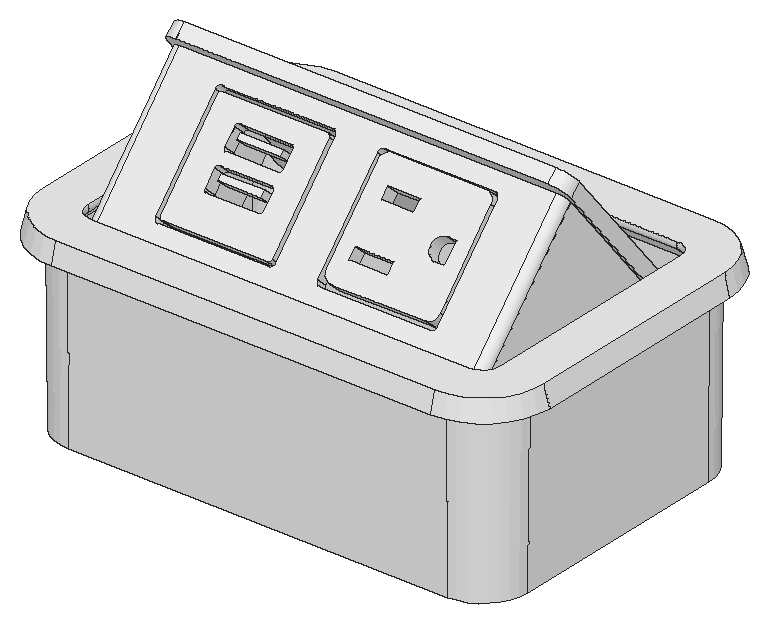
Revit family "Electrical-Teknion-NBAJ_Banqs_Small_Power_Flip-R2019", category Furniture, Revit 2020
Family settings
  OmniClass Number = 23.40.20.00
  OmniClass Title = General Furniture and Specialties
  Work Plane-Based = No
  Always vertical = Yes
  Cut with Voids When Loaded = No
  Shared = Yes
  Room Calculation Point = No
Parameters (values of type "Banqs Small Power Flip in White")
  Warranty = "http://www.teknion.com/ca/papers/legal-canada"
  Unit Weight URL = "http://www.teknion.com/ca/tools/assets#&asset=bee6a381-b954-425e-8283-5a2de3a804f2,f828d448-4b62-4231-9e5f-9a8991c0ed77"
  URL = "www.teknion.com"
  To render please download texture images found here [instance] = "https://assets.teknion.com/web/5e81352c1dfdb467/revit-material-swatches/"
  Sustainability Data = "https://www.teknion.com/ca/tools/assets#&topic=216f99a5-57a0-44fc-b10a-9dee9b29ae4c&asset=444deb64-fe58-4b68-981e-f75e97781df7,b4ff2d81-9f2e-437d-9659-7cffb09c31cf"
  Series = "Soft Seating"  # constant formula
  Product Page URL = "https://www.teknion.com/ca/products/product-details?productlineid=2c7ddb6e-8e7a-673b-a6c8-ff05004460c4"
  Product Line = "Bnaqs"  # constant formula
  Product Documentation Link = "https://www.teknion.com/pricing/seating/pdfs/Banqs_ppg.pdf"
  Part Number = "NBAJ"  # constant formula
  Model = "NBAJD1110W"
  Manufacturer Phone = "416-661-3370"  # constant formula
  Manufacturer Fax = "416.661.4586"  # constant formula
  Manufacturer Contact Information = "http://www.teknion.com/ca/contactus"
  Manufacturer Address = "1150 Flint Road, Toronto, ON. M3J 2J5. Canada"  # constant formula
  Manufacturer = "Teknion"  # constant formula
  How To Use Teknion Materials User Guide [instance] = "https://assets.teknion.com/m/205dd0a49fa58060/original/How-to-add-a-Material-Library-and-Texture-Images-to-your-Revit-project.pdf"
  For Additional Finishes please visit [instance] = "https://assets.teknion.com/m/44a8009b046e5d47/original/Teknion_Materials_Library.zip"
  Electrical Finishes = Plastic - Teknion - 8C - Very White
  Description = "Banqs Small Power Flip, 1-Power, 1-USB-A, 1-USB-C and No-Data Opening, White Finish"
  Default Elevation = 0.000"
  Assembly Code = "E2020200"
Types (3): name | Model | Electrical Finishes | Description
  (no name) | "NBAJD1110W" | Plastic - Teknion - 8C - Very White | "Banqs Small Power Flip, 1-Power, 1-USB-A, 1-USB-C and No-Data Opening, White Finish"
  Banqs Small Power Flip in White | "NBAJD1110W" | Plastic - Teknion - 8C - Very White | "Banqs Small Power Flip, 1-Power, 1-USB-A, 1-USB-C and No-Data Opening, White Finish"
  Banqs Small Power Flip in Black | "NBAJD1110B" | Plastic - Teknion - E - Ebony | "Banqs Small Power Flip, 1-Power, 1-USB-A, 1-USB-C and No-Data Opening, Black Finish"
Reference planes (in)
  plane 1 "Center Front/Back": y = -150
  plane 2: z = 0
  plane 3 "Center Left/Right": x = 150.00148
  plane 4 "Left": x = 147.60153
  plane 5 "Right": x = 152.40143
  plane 6 "Back": y = -148.31937
  plane 7 "Front": y = -151.68062
  plane 8 "Top": z = 63
Forms (in)
  Sweep 1, solid, material "Plastic - Teknion - 8C - Very White" <- "Electrical Finishes"
    path origin (0, 0, 0) x (1, 0, 0) y (0, 1, 0)
      loop
        arc (148.22068, -148.36862) -> (147.8177, -148.53554) -> (147.65078, -148.93852) r 0.5699
        line (147.65078, -148.93852) -> (147.65078, -151.06148)
        arc (147.65078, -151.06148) -> (147.8177, -151.46446) -> (148.22068, -151.63138) r 0.5699
        line (148.22068, -151.63138) -> (151.78229, -151.63138)
        arc (151.78229, -151.63138) -> (152.18527, -151.46446) -> (152.35219, -151.06148) r 0.5699
        line (152.35219, -151.06148) -> (152.35219, -148.93852)
        arc (152.35219, -148.93852) -> (152.18527, -148.53554) -> (151.78229, -148.36862) r 0.5699
        line (151.78229, -148.36862) -> (148.22068, -148.36862)
    profile origin (150.00148, -148.36862, 0) x (0, 1, 0) y (0, 0, 1)
      loop
        line (0.04925, 29) -> (-0.00099, 29.1875) -> (-0.41378, 29.1875)
        arc (-0.41378, 29.1875) -> (-0.41733, 29.14455) -> (-0.39726, 29.10641) r 0.07704
        line (-0.39726, 29.10641) -> (-0.26297, 28.96734) -> (-0.24907, 27.375) -> (-0.15243, 27.375) -> (-0.13802, 29) -> (0.04925, 29)
  Sweep 2, solid, material "Plastic - Teknion - 8C - Very White" <- "Electrical Finishes"
    path origin (150.00148, 0.93172, 5.03376) x (0, 0.999442, 0.03341) y (0, -0.03341, 0.999442)
      loop
        line (-150.26514, 30.30456) -> (-150.15326, 30.38886)
    profile origin (150.00148, -150.2075, 30.34507) x (0, -0.628161, 0.778083) y (1, 0, 0)
      loop
        line (0.00988, -1.7482) -> (0.00988, 1.7482)
        arc (0.00988, 1.7482) -> (-0.0329, 1.85153) -> (-0.1362, 1.89437) r 0.14617
        line (-0.1362, 1.89437) -> (-2.18844, 1.89437)
        arc (-2.18844, 1.89437) -> (-2.29177, 1.85155) -> (-2.33452, 1.7482) r 0.14608
        line (-2.33452, 1.7482) -> (-2.33452, -1.7482)
        arc (-2.33452, -1.7482) -> (-2.29174, -1.85153) -> (-2.18844, -1.89437) r 0.14617
        line (-2.18844, -1.89437) -> (-0.1362, -1.89437)
        arc (-0.1362, -1.89437) -> (-0.0329, -1.85153) -> (0.00988, -1.7482) r 0.14617
  Sweep 3, solid, material "Plastic - Teknion - 8C - Very White" <- "Electrical Finishes"
    path origin (150.00148, 0, 0) x (0, 1, 0) y (0, 0, 1)
      loop
        line (-151.23949, 29.05335) -> (-150.1631, 30.23282)
    profile origin (150.00148, -150.70129, 29.64309) x (0, -0.738645, 0.674095) y (1, 0, 0)
      loop
        arc (0, 1.76883) -> (-0.025, 1.8292) -> (-0.08537, 1.8542) r 0.08537
        line (-0.08537, 1.8542) -> (-1.50644, 1.8542) -> (-1.54274, 1.7362) -> (-0.118, 1.7362) -> (-0.118, -1.7362) -> (-1.60793, -1.7362) -> (-1.5529, -1.8542) -> (-0.08401, -1.8542)
        arc (-0.08401, -1.8542) -> (-0.02461, -1.82959) -> (0, -1.77019) r 0.08401
        line (0, -1.77019) -> (0, 1.76883)
  Sweep 4, void
    path origin (150.00148, 0, 0) x (0, 1, 0) y (0, 0, 1)
      loop
        line (-149.20022, 29.66444) -> (-149.53187, 29.39669)
    profile origin (150.00148, -149.36605, 29.53056) x (0, 0.628161, -0.778083) y (1, 0, 0)
      loop
        line (-1.83097, -2.85655) -> (1.41903, -2.85655) -> (1.41903, 2.99969) -> (-1.83097, 2.99969) -> (-1.83097, -2.85655)
  Sweep 5, void
    path origin (150.00148, 0, 0) x (0, 1, 0) y (0, 0, 1)
      loop
        line (-150.61016, 29.50402) -> (-150.78783, 29.6697)
    profile origin (150.00148, -150.699, 29.58686) x (0, -0.681998, -0.731354) y (1, 0, 0)
      loop
        line (-0.64338, -0.24257) -> (-0.64338, -1.27983)
        arc (-0.64338, -1.27983) -> (-0.6302, -1.31163) -> (-0.5984, -1.32481) r 0.04497
        line (-0.5984, -1.32481) -> (0.4388, -1.32481)
        arc (0.4388, -1.32481) -> (0.4706, -1.31163) -> (0.48377, -1.27984) r 0.04497
        line (0.48377, -1.27984) -> (0.48377, -0.24256)
        arc (0.48377, -0.24256) -> (0.4706, -0.21077) -> (0.4388, -0.19759) r 0.04497
        line (0.4388, -0.19759) -> (-0.5984, -0.19759)
        arc (-0.5984, -0.19759) -> (-0.6302, -0.21077) -> (-0.64338, -0.24257) r 0.04497
      loop
        line (-0.64338, 1.27983) -> (-0.64338, 0.24257)
        arc (-0.64338, 0.24257) -> (-0.6302, 0.21077) -> (-0.5984, 0.19759) r 0.04497
        line (-0.5984, 0.19759) -> (0.4388, 0.19759)
        arc (0.4388, 0.19759) -> (0.4706, 0.21077) -> (0.48377, 0.24256) r 0.04497
        line (0.48377, 0.24256) -> (0.48377, 1.27983)
        arc (0.48377, 1.27983) -> (0.4706, 1.31163) -> (0.4388, 1.32481) r 0.04497
        line (0.4388, 1.32481) -> (-0.5984, 1.32481)
        arc (-0.5984, 1.32481) -> (-0.6302, 1.31163) -> (-0.64338, 1.27983) r 0.04497
  Sweep 6, solid, material "Plastic - Teknion - 8C - Very White" <- "Electrical Finishes"
    path origin (150.00148, 0, 0) x (0, 1, 0) y (0, 0, 1)
      loop
        line (-150.4305, 29.72469) -> (-150.53779, 29.8226)
    profile origin (150.00148, -150.48414, 29.77364) x (0, -0.674095, -0.738645) y (1, 0, 0)
      loop
        line (-0.26112, 0.22416) -> (0.62288, 0.22394)
        arc (0.62288, 0.22394) -> (0.68865, 0.25116) -> (0.7159, 0.31692) r 0.093
        line (0.7159, 0.31692) -> (0.71612, 1.20092)
        arc (0.71612, 1.20092) -> (0.6889, 1.26669) -> (0.62314, 1.29394) r 0.093
        line (0.62314, 1.29394) -> (-0.26089, 1.29416)
        arc (-0.26089, 1.29416) -> (-0.32664, 1.26694) -> (-0.35388, 1.20121) r 0.09296
        line (-0.35388, 1.20121) -> (-0.3541, 0.31718)
        arc (-0.3541, 0.31718) -> (-0.32687, 0.25141) -> (-0.26112, 0.22416) r 0.093
      loop
        line (-0.112, 0.70811) -> (-0.11207, 0.40611) -> (-0.00007, 0.40608) -> (0, 0.70808) -> (-0.112, 0.70811)
      loop
        line (0.39001, 0.73399) -> (0.38992, 0.36999) -> (0.50192, 0.36996) -> (0.50201, 0.73396) -> (0.39001, 0.73399)
      loop
        line (0.28411, 1.15401) -> (0.07811, 1.15406) -> (0.07809, 1.06506)
        arc (0.07809, 1.06506) -> (0.18106, 0.96204) -> (0.28409, 1.06501) r 0.103
        line (0.28409, 1.06501) -> (0.28411, 1.15401)
      loop
        arc (0.70372, -1.28624) -> (0.72492, -1.27746) -> (0.73371, -1.25625) r 0.02999
        line (0.73371, -1.25625) -> (0.73371, -0.26556)
        arc (0.73371, -0.26556) -> (0.72492, -0.24435) -> (0.70372, -0.23556) r 0.02999
        line (0.70372, -0.23556) -> (-0.28685, -0.23556)
        arc (-0.28685, -0.23556) -> (-0.30806, -0.24435) -> (-0.31684, -0.26556) r 0.03
        line (-0.31684, -0.26556) -> (-0.31684, -1.25624)
        arc (-0.31684, -1.25624) -> (-0.30806, -1.27745) -> (-0.28685, -1.28624) r 0.03
        line (-0.28685, -1.28624) -> (0.70372, -1.28624)
      loop
        line (-0.10985, -1.0359) -> (0.05891, -1.0359)
        arc (0.05891, -1.0359) -> (0.08012, -1.02711) -> (0.0889, -1.0059) r 0.03
        line (0.0889, -1.0059) -> (0.0889, -0.5159)
        arc (0.0889, -0.5159) -> (0.08012, -0.49468) -> (0.0589, -0.4859) r 0.03
        line (0.0589, -0.4859) -> (-0.10985, -0.4859)
        arc (-0.10985, -0.4859) -> (-0.13056, -0.49496) -> (-0.13907, -0.5159) r 0.03001
        line (-0.13907, -0.5159) -> (-0.13907, -1.0059)
        arc (-0.13907, -1.0059) -> (-0.13056, -1.02684) -> (-0.10985, -1.0359) r 0.03001
      loop
        line (0.19889, -0.5159) -> (0.19889, -1.0059)
        arc (0.19889, -1.0059) -> (0.2074, -1.02684) -> (0.22811, -1.0359) r 0.03001
        line (0.22811, -1.0359) -> (0.39687, -1.0359)
        arc (0.39687, -1.0359) -> (0.41808, -1.02711) -> (0.42686, -1.0059) r 0.03
        line (0.42686, -1.0059) -> (0.42686, -0.5159)
        arc (0.42686, -0.5159) -> (0.41807, -0.49468) -> (0.39686, -0.4859) r 0.03
        line (0.39686, -0.4859) -> (0.22811, -0.4859)
        arc (0.22811, -0.4859) -> (0.2074, -0.49496) -> (0.19889, -0.5159) r 0.03001
      loop
        line (-0.08386, -0.5579) -> (-0.08386, -0.9639) -> (-0.02287, -0.9639) -> (-0.02287, -0.5579) -> (-0.08386, -0.5579)
      loop
        line (0.2481, -0.56227) -> (0.2481, -0.9639) -> (0.30909, -0.9639) -> (0.30909, -0.56227) -> (0.2481, -0.56227)
Cuts and joins
  Sweep 4, Sweep 5 cuts Sweep 3
Lines and regions (in)
  Masking region 1
    outline origin (0, 0, 0) x (1, 0, 0) y (0, 1, 0)
      loop
        line (151.78229, -148.31938) -> (148.22068, -148.31938)
        arc (148.22068, -148.31938) -> (147.78288, -148.50072) -> (147.60153, -148.93852) r 0.61914
        line (147.60153, -148.93852) -> (147.60153, -151.06148)
        arc (147.60153, -151.06148) -> (147.78288, -151.49928) -> (148.22068, -151.68062) r 0.61914
        line (148.22068, -151.68062) -> (151.78229, -151.68062)
        arc (151.78229, -151.68062) -> (152.22009, -151.49928) -> (152.40143, -151.06148) r 0.61914
        line (152.40143, -151.06148) -> (152.40143, -148.93852)
        arc (152.40143, -148.93852) -> (152.22009, -148.50072) -> (151.78229, -148.31938) r 0.61914
  symbolic lines
    curve 1: line (148.22068, -148.36962, 0) -> (151.78229, -148.36962, 0)
    curve 2: arc (147.65177, -148.93852, 0) -> (147.8184, -148.53624, 0) -> (148.22068, -148.36962, 0) r 0.5689
    curve 3: line (147.65177, -151.06148, 0) -> (147.65177, -148.93852, 0)
    curve 4: arc (148.22068, -151.63038, 0) -> (147.8184, -151.46376, 0) -> (147.65177, -151.06148, 0) r 0.5689
    curve 5: line (151.78229, -151.63038, 0) -> (148.22068, -151.63038, 0)
    curve 6: arc (152.35119, -151.06148, 0) -> (152.18456, -151.46376, 0) -> (151.78229, -151.63038, 0) r 0.5689
    curve 7: line (152.35119, -148.93852, 0) -> (152.35119, -151.06148, 0)
    curve 8: arc (151.78229, -148.36962, 0) -> (152.18456, -148.53624, 0) -> (152.35119, -148.93852, 0) r 0.5689
    curve 9: line (151.78229, -148.7824, 0) -> (148.22068, -148.7824, 0)
    curve 10: line (148.06456, -148.93852, 0) -> (148.06456, -151.06148, 0)
    curve 11: arc (148.06456, -151.06148, 0) -> (148.11028, -151.17187, 0) -> (148.22068, -151.2176, 0) r 0.15612
    curve 12: line (148.22068, -151.2176, 0) -> (151.78229, -151.2176, 0)
    curve 13: arc (148.22068, -148.7824, 0) -> (148.11028, -148.82813, 0) -> (148.06456, -148.93852, 0) r 0.15612
    curve 14: arc (151.93841, -148.93852, 0) -> (151.89268, -148.82813, 0) -> (151.78229, -148.7824, 0) r 0.15612
    curve 15: line (151.93841, -151.06148, 0) -> (151.93841, -148.93852, 0)
    curve 16: line (151.89585, -150.17639, 0) -> (151.89585, -148.83139, 0)
    curve 17: spline (151.74968, -150.15921, 0) -> (151.76875, -150.15842, 0) -> (151.7875, -150.15608, 0) -> (151.8056, -150.15222, 0) -> (151.82274, -150.14691, 0) -> (151.83864, -150.14025, 0) -> (151.85301, -150.13233, 0) -> (151.86561, -150.12331, 0) -> (151.87624, -150.11333, 0) -> (151.8847, -150.10257, 0) -> (151.89085, -150.0912, 0) -> (151.89459, -150.07942, 0) -> (151.89585, -150.06745, 0)
    curve 18: spline (151.89585, -150.17639, 0) -> (151.8946, -150.18837, 0) -> (151.89087, -150.20015, 0) -> (151.88473, -150.21152, 0) -> (151.87627, -150.2223, 0) -> (151.86565, -150.23228, 0) -> (151.85304, -150.24131, 0) -> (151.83867, -150.24923, 0) -> (151.82277, -150.2559, 0) -> (151.80562, -150.26122, 0) -> (151.78751, -150.26508, 0) -> (151.76876, -150.26742, 0) -> (151.74968, -150.2682, 0)
    curve 19: line (151.74968, -150.2682, 0) -> (148.25328, -150.2682, 0)
    curve 20: line (148.25328, -150.15921, 0) -> (151.74968, -150.15921, 0)
    curve 21: line (148.10711, -148.83139, 0) -> (148.10711, -150.17639, 0)
    curve 22: spline (148.10711, -150.06739, 0) -> (148.10837, -150.07937, 0) -> (148.1121, -150.09115, 0) -> (148.11824, -150.10253, 0) -> (148.1267, -150.1133, 0) -> (148.13732, -150.12328, 0) -> (148.14993, -150.13231, 0) -> (148.1643, -150.14023, 0) -> (148.1802, -150.14691, 0) -> (148.19735, -150.15222, 0) -> (148.21545, -150.15608, 0) -> (148.2342, -150.15842, 0) -> (148.25328, -150.15921, 0)
    curve 23: spline (148.25328, -150.2682, 0) -> (148.2342, -150.26742, 0) -> (148.21545, -150.26508, 0) -> (148.19735, -150.26122, 0) -> (148.1802, -150.2559, 0) -> (148.1643, -150.24923, 0) -> (148.14993, -150.24131, 0) -> (148.13732, -150.23228, 0) -> (148.1267, -150.2223, 0) -> (148.11824, -150.21152, 0) -> (148.1121, -150.20015, 0) -> (148.10837, -150.18837, 0) -> (148.10711, -150.17639, 0)
    curve 24: line (148.14728, -150.23961, 0) -> (148.14728, -151.17267, 0)
    curve 25: line (148.72165, -150.29424, 0) -> (149.75903, -150.29424, 0)
    curve 26: line (149.73592, -150.3242, 0) -> (148.74524, -150.3242, 0)
    curve 27: line (148.71524, -150.34442, 0) -> (148.71524, -151.01216, 0)
    curve 28: line (149.76592, -151.01216, 0) -> (149.76592, -150.34442, 0)
    curve 29: line (149.80389, -151.02377, 0) -> (149.80389, -150.32455, 0)
    curve 30: line (148.74524, -151.03237, 0) -> (149.73593, -151.03237, 0)
    curve 31: line (149.75892, -151.05409, 0) -> (148.72154, -151.05409, 0)
    curve 32: spline (148.72154, -151.05409, 0) -> (148.71568, -151.05382, 0) -> (148.70992, -151.05304, 0) -> (148.70436, -151.05176, 0) -> (148.6991, -151.05, 0) -> (148.69422, -151.04779, 0) -> (148.68981, -151.04518, 0) -> (148.68594, -151.0422, 0) -> (148.68268, -151.03891, 0) -> (148.68009, -151.03535, 0) -> (148.67821, -151.0316, 0) -> (148.67706, -151.02772, 0) -> (148.67668, -151.02377, 0)
    curve 33: spline (148.71524, -151.01216, 0) -> (148.7155, -151.0148, 0) -> (148.71627, -151.01739, 0) -> (148.71753, -151.01989, 0) -> (148.71926, -151.02227, 0) -> (148.72144, -151.02447, 0) -> (148.72403, -151.02645, 0) -> (148.72698, -151.0282, 0) -> (148.73024, -151.02967, 0) -> (148.73376, -151.03084, 0) -> (148.73747, -151.03169, 0) -> (148.74132, -151.0322, 0) -> (148.74524, -151.03237, 0)
    curve 34: spline (149.73593, -151.03237, 0) -> (149.73984, -151.0322, 0) -> (149.74369, -151.03169, 0) -> (149.7474, -151.03084, 0) -> (149.75092, -151.02967, 0) -> (149.75418, -151.0282, 0) -> (149.75713, -151.02645, 0) -> (149.75972, -151.02447, 0) -> (149.7619, -151.02227, 0) -> (149.76364, -151.01989, 0) -> (149.7649, -151.01739, 0) -> (149.76566, -151.0148, 0) -> (149.76592, -151.01216, 0)
    curve 35: spline (149.80389, -151.02377, 0) -> (149.8035, -151.02773, 0) -> (149.80236, -151.03162, 0) -> (149.80047, -151.03537, 0) -> (149.79786, -151.03893, 0) -> (149.7946, -151.04222, 0) -> (149.79072, -151.04521, 0) -> (149.78629, -151.04782, 0) -> (149.7814, -151.05002, 0) -> (149.77613, -151.05178, 0) -> (149.77056, -151.05305, 0) -> (149.76479, -151.05383, 0) -> (149.75892, -151.05409, 0)
    curve 36: spline (149.75903, -150.29424, 0) -> (149.76489, -150.29451, 0) -> (149.77065, -150.29529, 0) -> (149.7762, -150.29657, 0) -> (149.78147, -150.29832, 0) -> (149.78635, -150.30053, 0) -> (149.79076, -150.30314, 0) -> (149.79462, -150.30612, 0) -> (149.79788, -150.30942, 0) -> (149.80048, -150.31297, 0) -> (149.80236, -150.31672, 0) -> (149.80351, -150.3206, 0) -> (149.80389, -150.32455, 0)
    curve 37: spline (149.76592, -150.34442, 0) -> (149.76566, -150.34179, 0) -> (149.7649, -150.33919, 0) -> (149.76364, -150.33669, 0) -> (149.7619, -150.33431, 0) -> (149.75972, -150.33212, 0) -> (149.75713, -150.33013, 0) -> (149.75418, -150.32838, 0) -> (149.75092, -150.32691, 0) -> (149.7474, -150.32574, 0) -> (149.74369, -150.32489, 0) -> (149.73984, -150.32438, 0) -> (149.73592, -150.3242, 0)
    curve 38: line (148.72165, -150.29424, 0) -> (149.75903, -150.29424, 0)
    curve 39: spline (148.67668, -150.32455, 0) -> (148.67706, -150.3206, 0) -> (148.67821, -150.31671, 0) -> (148.6801, -150.31295, 0) -> (148.6827, -150.3094, 0) -> (148.68597, -150.3061, 0) -> (148.68985, -150.30312, 0) -> (148.69427, -150.3005, 0) -> (148.69916, -150.2983, 0) -> (148.70444, -150.29655, 0) -> (148.71001, -150.29527, 0) -> (148.71578, -150.2945, 0) -> (148.72165, -150.29424, 0)
    curve 40: spline (148.74524, -150.3242, 0) -> (148.74132, -150.32438, 0) -> (148.73748, -150.32489, 0) -> (148.73376, -150.32574, 0) -> (148.73024, -150.32691, 0) -> (148.72698, -150.32838, 0) -> (148.72403, -150.33013, 0) -> (148.72144, -150.33212, 0) -> (148.71926, -150.33431, 0) -> (148.71753, -150.33669, 0) -> (148.71627, -150.33919, 0) -> (148.7155, -150.34179, 0) -> (148.71524, -150.34442, 0)
    curve 41: line (150.24405, -150.29424, 0) -> (151.28143, -150.29424, 0)
    curve 42: spline (150.19908, -150.32455, 0) -> (150.19946, -150.3206, 0) -> (150.20061, -150.31671, 0) -> (150.2025, -150.31295, 0) -> (150.2051, -150.3094, 0) -> (150.20837, -150.3061, 0) -> (150.21225, -150.30312, 0) -> (150.21667, -150.3005, 0) -> (150.22156, -150.2983, 0) -> (150.22684, -150.29655, 0) -> (150.23241, -150.29527, 0) -> (150.23818, -150.2945, 0) -> (150.24405, -150.29424, 0)
    curve 43: line (150.19908, -150.32455, 0) -> (150.19908, -151.02377, 0)
    curve 44: spline (150.31866, -150.29909, 0) -> (150.30652, -150.29963, 0) -> (150.29459, -150.30122, 0) -> (150.28307, -150.30386, 0) -> (150.27216, -150.30748, 0) -> (150.26204, -150.31204, 0) -> (150.25289, -150.31744, 0) -> (150.24487, -150.32361, 0) -> (150.23811, -150.33042, 0) -> (150.23273, -150.33778, 0) -> (150.22881, -150.34554, 0) -> (150.22644, -150.35359, 0) -> (150.22564, -150.36177, 0)
    curve 45: line (150.22564, -150.36177, 0) -> (150.22542, -150.95767, 0)
    curve 46: spline (150.22542, -150.95767, 0) -> (150.22622, -150.96585, 0) -> (150.22859, -150.97389, 0) -> (150.23249, -150.98166, 0) -> (150.23787, -150.98902, 0) -> (150.24463, -150.99583, 0) -> (150.25265, -151.002, 0) -> (150.26179, -151.00741, 0) -> (150.2719, -151.01197, 0) -> (150.28281, -151.0156, 0) -> (150.29433, -151.01823, 0) -> (150.30626, -151.01984, 0) -> (150.3184, -151.02037, 0)
    curve 47: spline (150.24394, -151.05409, 0) -> (150.23808, -151.05382, 0) -> (150.23232, -151.05304, 0) -> (150.22676, -151.05176, 0) -> (150.2215, -151.05, 0) -> (150.21662, -151.04779, 0) -> (150.21221, -151.04518, 0) -> (150.20834, -151.0422, 0) -> (150.20508, -151.03891, 0) -> (150.20249, -151.03535, 0) -> (150.2006, -151.0316, 0) -> (150.19946, -151.02772, 0) -> (150.19908, -151.02377, 0)
    curve 48: line (151.28131, -151.05409, 0) -> (150.24394, -151.05409, 0)
    curve 49: line (150.3184, -151.02037, 0) -> (151.2024, -151.02052, 0)
    curve 50: spline (151.2024, -151.02052, 0) -> (151.21454, -151.01998, 0) -> (151.22647, -151.01839, 0) -> (151.23799, -151.01575, 0) -> (151.2489, -151.01213, 0) -> (151.25902, -151.00757, 0) -> (151.26817, -151.00217, 0) -> (151.27619, -150.996, 0) -> (151.28295, -150.98919, 0) -> (151.28834, -150.98183, 0) -> (151.29225, -150.97407, 0) -> (151.29463, -150.96603, 0) -> (151.29542, -150.95784, 0)
    curve 51: spline (151.32629, -151.02354, 0) -> (151.32594, -151.02752, 0) -> (151.32483, -151.03143, 0) -> (151.32296, -151.03521, 0) -> (151.32037, -151.0388, 0) -> (151.31711, -151.04212, 0) -> (151.31323, -151.04513, 0) -> (151.3088, -151.04776, 0) -> (151.3039, -151.04999, 0) -> (151.2986, -151.05176, 0) -> (151.29301, -151.05304, 0) -> (151.28721, -151.05382, 0) -> (151.28131, -151.05409, 0)
    curve 52: line (151.32629, -151.02354, 0) -> (151.32629, -150.32478, 0)
    curve 53: line (151.29542, -150.95784, 0) -> (151.29564, -150.36192, 0)
    curve 54: spline (151.29564, -150.36192, 0) -> (151.29485, -150.35374, 0) -> (151.29248, -150.3457, 0) -> (151.28857, -150.33794, 0) -> (151.2832, -150.33058, 0) -> (151.27644, -150.32377, 0) -> (151.26843, -150.3176, 0) -> (151.25929, -150.3122, 0) -> (151.24918, -150.30764, 0) -> (151.23827, -150.30401, 0) -> (151.22676, -150.30138, 0) -> (151.21483, -150.29978, 0) -> (151.2027, -150.29924, 0)
    curve 55: spline (151.28143, -150.29424, 0) -> (151.28731, -150.29451, 0) -> (151.2931, -150.2953, 0) -> (151.29868, -150.29659, 0) -> (151.30396, -150.29836, 0) -> (151.30886, -150.30059, 0) -> (151.31327, -150.30322, 0) -> (151.31714, -150.30623, 0) -> (151.32039, -150.30955, 0) -> (151.32297, -150.31313, 0) -> (151.32483, -150.3169, 0) -> (151.32594, -150.32081, 0) -> (151.32629, -150.32478, 0)
    curve 56: line (149.48559, -150.59771, 0) -> (148.99558, -150.59771, 0)
    curve 57: line (149.48559, -150.82553, 0) -> (148.99558, -150.82553, 0)
    curve 58: line (150.40759, -150.46224, 0) -> (150.70959, -150.46229, 0)
    curve 59: line (150.40757, -150.53774, 0) -> (150.40759, -150.46224, 0)
    curve 60: line (150.70957, -150.53779, 0) -> (150.40757, -150.53774, 0)
    curve 61: line (150.70959, -150.46229, 0) -> (150.70957, -150.53779, 0)
    curve 62: line (150.37147, -150.80063, 0) -> (150.73547, -150.80069, 0)
    curve 63: line (150.37145, -150.87613, 0) -> (150.37147, -150.80063, 0)
    curve 64: line (150.73545, -150.87619, 0) -> (150.37145, -150.87613, 0)
    curve 65: line (150.73547, -150.80069, 0) -> (150.73545, -150.87619, 0)
    curve 66: line (151.15555, -150.59044, 0) -> (151.1555, -150.7293, 0)
    curve 67: line (151.06655, -150.59042, 0) -> (151.15555, -150.59044, 0)
    curve 68: line (151.1555, -150.7293, 0) -> (151.0665, -150.72929, 0)
    curve 69: spline (151.0665, -150.72929, 0) -> (151.03984, -150.72692, 0) -> (151.015, -150.71998, 0) -> (150.99367, -150.70894, 0) -> (150.97731, -150.69456, 0) -> (150.96703, -150.67781, 0) -> (150.96352, -150.65984, 0) -> (150.96704, -150.64187, 0) -> (150.97734, -150.62513, 0) -> (150.99371, -150.61075, 0) -> (151.01504, -150.59972, 0) -> (151.03989, -150.59279, 0) -> (151.06655, -150.59042, 0)
    curve 70: line (151.0665, -150.622, 0) -> (151.1555, -150.62202, 0)
    curve 71: spline (151.00113, -150.60621, 0) -> (151.0058, -150.60865, 0) -> (151.01066, -150.6109, 0) -> (151.01571, -150.61296, 0) -> (151.02092, -150.61482, 0) -> (151.02629, -150.61648, 0) -> (151.03178, -150.61793, 0) -> (151.03739, -150.61917, 0) -> (151.0431, -150.62018, 0) -> (151.04888, -150.62097, 0) -> (151.05472, -150.62154, 0) -> (151.0606, -150.62189, 0) -> (151.0665, -150.622, 0)
    curve 72: line (148.96559, -150.57749, 0) -> (148.96559, -150.47021, 0)
    curve 73: line (148.99558, -150.49043, 0) -> (149.03758, -150.49043, 0)
    curve 74: spline (148.96591, -150.46726, 0) -> (148.96559, -150.47014, 0) -> (148.96588, -150.47303, 0) -> (148.96678, -150.47585, 0) -> (148.96827, -150.47857, 0) -> (148.97032, -150.48111, 0) -> (148.97288, -150.48342, 0) -> (148.97591, -150.48547, 0) -> (148.97934, -150.48721, 0) -> (148.9831, -150.48859, 0) -> (148.98711, -150.48961, 0) -> (148.9913, -150.49022, 0) -> (148.99558, -150.49043, 0)
    curve 75: spline (148.96591, -150.46726, 0) -> (148.96558, -150.46437, 0) -> (148.96586, -150.46148, 0) -> (148.96676, -150.45865, 0) -> (148.96824, -150.45594, 0) -> (148.97029, -150.45339, 0) -> (148.97285, -150.45106, 0) -> (148.97588, -150.44901, 0) -> (148.97931, -150.44727, 0) -> (148.98308, -150.44588, 0) -> (148.9871, -150.44486, 0) -> (148.9913, -150.44425, 0) -> (148.99559, -150.44404, 0)
    curve 76: spline (149.48559, -150.44404, 0) -> (149.48987, -150.44425, 0) -> (149.49407, -150.44486, 0) -> (149.49809, -150.44588, 0) -> (149.50186, -150.44727, 0) -> (149.50529, -150.44901, 0) -> (149.50832, -150.45106, 0) -> (149.51088, -150.45339, 0) -> (149.51293, -150.45593, 0) -> (149.51442, -150.45865, 0) -> (149.51531, -150.46148, 0) -> (149.5156, -150.46437, 0) -> (149.51527, -150.46726, 0)
    curve 77: spline (149.48559, -150.49043, 0) -> (149.48986, -150.49022, 0) -> (149.49405, -150.48961, 0) -> (149.49807, -150.48859, 0) -> (149.50183, -150.48721, 0) -> (149.50526, -150.48547, 0) -> (149.50829, -150.48342, 0) -> (149.51085, -150.48111, 0) -> (149.5129, -150.47856, 0) -> (149.51439, -150.47585, 0) -> (149.51529, -150.47303, 0) -> (149.51559, -150.47014, 0) -> (149.51527, -150.46726, 0)
    curve 78: spline (149.51559, -150.57749, 0) -> (149.51533, -150.58013, 0) -> (149.51456, -150.58273, 0) -> (149.5133, -150.58523, 0) -> (149.51157, -150.5876, 0) -> (149.50939, -150.5898, 0) -> (149.5068, -150.59179, 0) -> (149.50385, -150.59354, 0) -> (149.50059, -150.59501, 0) -> (149.49707, -150.59618, 0) -> (149.49335, -150.59703, 0) -> (149.4895, -150.59754, 0) -> (149.48559, -150.59771, 0)
    curve 79: line (149.48559, -150.59771, 0) -> (148.99558, -150.59771, 0)
    curve 80: spline (148.99558, -150.59771, 0) -> (148.99167, -150.59754, 0) -> (148.98782, -150.59703, 0) -> (148.9841, -150.59618, 0) -> (148.98058, -150.59501, 0) -> (148.97732, -150.59354, 0) -> (148.97437, -150.59179, 0) -> (148.97178, -150.5898, 0) -> (148.9696, -150.5876, 0) -> (148.96787, -150.58523, 0) -> (148.96661, -150.58273, 0) -> (148.96584, -150.58013, 0) -> (148.96559, -150.57749, 0)
    curve 81: line (149.03758, -150.44404, 0) -> (149.03758, -150.52237, 0)
    curve 82: line (149.44358, -150.48126, 0) -> (149.03758, -150.48126, 0)
    curve 83: line (149.03758, -150.52237, 0) -> (149.44358, -150.52237, 0)
    curve 84: line (149.44358, -150.52237, 0) -> (149.44358, -150.44404, 0)
    curve 85: line (149.44358, -150.49043, 0) -> (149.48559, -150.49043, 0)
    curve 86: line (148.99559, -150.44404, 0) -> (149.48559, -150.44404, 0)
    curve 87: line (149.51527, -150.46726, 0) -> (149.51559, -150.57749, 0)
    curve 88: line (148.67668, -150.32455, 0) -> (148.67668, -151.02377, 0)
    curve 89: line (150.31866, -150.29909, 0) -> (151.2027, -150.29924, 0)
    curve 90: line (149.48559, -150.82553, 0) -> (148.99558, -150.82553, 0)
    curve 91: line (148.96559, -150.80531, 0) -> (148.96559, -150.69802, 0)
    curve 92: line (148.99558, -150.71824, 0) -> (149.03758, -150.71824, 0)
    curve 93: spline (148.96591, -150.69508, 0) -> (148.96559, -150.69796, 0) -> (148.96588, -150.70085, 0) -> (148.96678, -150.70367, 0) -> (148.96827, -150.70638, 0) -> (148.97032, -150.70892, 0) -> (148.97288, -150.71124, 0) -> (148.97591, -150.71329, 0) -> (148.97934, -150.71502, 0) -> (148.9831, -150.71641, 0) -> (148.98711, -150.71742, 0) -> (148.9913, -150.71804, 0) -> (148.99558, -150.71824, 0)
    curve 94: spline (148.96591, -150.69508, 0) -> (148.96558, -150.69219, 0) -> (148.96586, -150.6893, 0) -> (148.96676, -150.68647, 0) -> (148.96824, -150.68375, 0) -> (148.97029, -150.68121, 0) -> (148.97285, -150.67888, 0) -> (148.97588, -150.67683, 0) -> (148.97931, -150.67509, 0) -> (148.98308, -150.6737, 0) -> (148.9871, -150.67268, 0) -> (148.9913, -150.67206, 0) -> (148.99559, -150.67186, 0)
    curve 95: spline (149.48559, -150.67186, 0) -> (149.48987, -150.67206, 0) -> (149.49407, -150.67268, 0) -> (149.49809, -150.6737, 0) -> (149.50186, -150.67509, 0) -> (149.50529, -150.67683, 0) -> (149.50832, -150.67888, 0) -> (149.51088, -150.6812, 0) -> (149.51293, -150.68375, 0) -> (149.51442, -150.68647, 0) -> (149.51531, -150.6893, 0) -> (149.5156, -150.69219, 0) -> (149.51527, -150.69508, 0)
    curve 96: spline (149.48559, -150.71824, 0) -> (149.48986, -150.71804, 0) -> (149.49405, -150.71742, 0) -> (149.49807, -150.71641, 0) -> (149.50183, -150.71502, 0) -> (149.50526, -150.71329, 0) -> (149.50829, -150.71124, 0) -> (149.51085, -150.70892, 0) -> (149.5129, -150.70638, 0) -> (149.51439, -150.70367, 0) -> (149.51529, -150.70084, 0) -> (149.51559, -150.69796, 0) -> (149.51527, -150.69508, 0)
    curve 97: spline (149.51559, -150.80531, 0) -> (149.51533, -150.80795, 0) -> (149.51456, -150.81054, 0) -> (149.5133, -150.81305, 0) -> (149.51157, -150.81542, 0) -> (149.50939, -150.81762, 0) -> (149.5068, -150.81961, 0) -> (149.50385, -150.82135, 0) -> (149.50059, -150.82282, 0) -> (149.49707, -150.82399, 0) -> (149.49335, -150.82484, 0) -> (149.4895, -150.82536, 0) -> (149.48559, -150.82553, 0)
    curve 98: line (149.48559, -150.82553, 0) -> (148.99558, -150.82553, 0)
    curve 99: spline (148.99558, -150.82553, 0) -> (148.99167, -150.82536, 0) -> (148.98782, -150.82484, 0) -> (148.9841, -150.82399, 0) -> (148.98058, -150.82282, 0) -> (148.97732, -150.82135, 0) -> (148.97437, -150.81961, 0) -> (148.97178, -150.81762, 0) -> (148.9696, -150.81542, 0) -> (148.96787, -150.81305, 0) -> (148.96661, -150.81054, 0) -> (148.96584, -150.80795, 0) -> (148.96559, -150.80531, 0)
    curve 100: line (149.03758, -150.67186, 0) -> (149.03758, -150.74614, 0)
    curve 101: line (149.43921, -150.70503, 0) -> (149.03758, -150.70503, 0)
    curve 102: line (149.03758, -150.74614, 0) -> (149.43921, -150.74614, 0)
    curve 103: line (149.43921, -150.74614, 0) -> (149.43921, -150.67186, 0)
    curve 104: line (149.43921, -150.71824, 0) -> (149.48559, -150.71824, 0)
    curve 105: line (148.99559, -150.67186, 0) -> (149.48559, -150.67186, 0)
    curve 106: line (149.51527, -150.69508, 0) -> (149.51559, -150.80531, 0)
    curve 107: line (151.85568, -151.16905, 0) -> (151.85568, -150.23961, 0)
    curve 108: arc (151.78229, -151.2176, 0) -> (151.89268, -151.17187, 0) -> (151.93841, -151.06148, 0) r 0.15612
  symbolic lines, style "FurnitureHiddenLines", detail levels medium+fine
    curve 109: line (151.78229, -148.50664, 0) -> (148.22068, -148.50664, 0)
    curve 110: line (151.78229, -148.52106, 0) -> (148.22068, -148.52106, 0)
    curve 111: line (147.7888, -151.06148, 0) -> (147.7888, -148.93852, 0)
    curve 112: line (147.80321, -148.93852, 0) -> (147.80321, -151.06148, 0)
    curve 113: line (148.22068, -151.47894, 0) -> (151.78229, -151.47894, 0)
    curve 114: line (151.78229, -151.49336, 0) -> (148.22068, -151.49336, 0)
    curve 115: line (152.19975, -151.06148, 0) -> (152.19975, -148.93852, 0)
    curve 116: line (152.21417, -148.93852, 0) -> (152.21417, -151.06148, 0)
    curve 117: arc (152.21417, -151.06148, 0) -> (152.08767, -151.36687, 0) -> (151.78229, -151.49336, 0) r 0.43188
    curve 118: arc (151.78229, -151.47894, 0) -> (152.07748, -151.35667, 0) -> (152.19975, -151.06148, 0) r 0.41746
    curve 119: arc (152.19975, -148.93852, 0) -> (152.07748, -148.64333, 0) -> (151.78229, -148.52106, 0) r 0.41746
    curve 120: arc (152.21417, -148.93852, 0) -> (152.08767, -148.63313, 0) -> (151.78229, -148.50664, 0) r 0.43188
    curve 121: arc (148.22068, -148.50664, 0) -> (147.91529, -148.63313, 0) -> (147.7888, -148.93852, 0) r 0.43188
    curve 122: arc (148.22068, -148.52106, 0) -> (147.92549, -148.64333, 0) -> (147.80321, -148.93852, 0) r 0.41746
    curve 123: arc (148.22068, -151.49336, 0) -> (147.91529, -151.36687, 0) -> (147.7888, -151.06148, 0) r 0.43188
    curve 124: arc (147.80321, -151.06148, 0) -> (147.92549, -151.35667, 0) -> (148.22068, -151.47894, 0) r 0.41746
  symbolic lines, style "FurnitureHiddenLines", detail levels fine
    curve 125: line (148.14728, -149.19951, 0) -> (148.14728, -151.17267, 0)
    curve 126: line (148.26528, -151.15233, 0) -> (148.26528, -149.16454, 0)
    curve 127: line (148.14728, -149.19951, 0) -> (148.26528, -149.16454, 0)
    curve 128: line (148.26528, -151.15233, 0) -> (151.73768, -151.15233, 0)
    curve 129: line (151.78525, -151.23949, 0) -> (148.2141, -151.23949, 0)
    curve 130: line (151.73768, -149.20596, 0) -> (151.73768, -151.15233, 0)
    curve 131: line (151.85568, -151.16905, 0) -> (151.85568, -149.22903, 0)
    curve 132: line (151.73768, -149.20596, 0) -> (151.85568, -149.22903, 0)
    curve 133: arc (151.85568, -151.16905, 0) -> (151.83505, -151.21886, 0) -> (151.78525, -151.23949, 0) r 0.07043
    curve 134: arc (148.14728, -151.17267, 0) -> (148.16685, -151.21992, 0) -> (148.2141, -151.23949, 0) r 0.06681
    curve 135: line (151.78137, -148.68654, 0) -> (148.22485, -148.68654, 0)
    curve 136: line (148.10711, -148.80428, 0) -> (148.10711, -150.17639, 0)
    curve 137: line (151.89585, -150.17639, 0) -> (151.89585, -148.80103, 0)
    curve 138: arc (148.22485, -148.68654, 0) -> (148.1416, -148.72103, 0) -> (148.10711, -148.80428, 0) r 0.11774
    curve 139: arc (151.89585, -148.80103, 0) -> (151.86232, -148.72007, 0) -> (151.78137, -148.68654, 0) r 0.11448
Dimensions and locks (in)
  plane 4 "Left" to plane 5 "Right" = 4.7999"
  plane 6 "Back" to plane 7 "Front" = 3.36125"
  plane 8 "Top" to level = 63.000"
  equal spacing: plane 6 "Back", plane 1 "Center Front/Back", plane 7 "Front"
  equal spacing: plane 4 "Left", plane 3 "Center Left/Right", plane 5 "Right"
  aligned and locked: level to plane 2
Automatic sketch dimensions
  plane 4 "Left" to Sweep 1 sketch curve = 0.04925"
  Sweep 1 sketch curve to Sweep 1 sketch curve = 0.5699"  (x2)
  Sweep 1 sketch curve to plane 6 "Back" = 0.04925"
  plane 5 "Right" to Sweep 1 sketch curve = 0.61914"  (x2)
  plane 5 "Right" to Sweep 1 sketch curve = 0.04925"
  Sweep 1 sketch curve to plane 7 "Front" = 0.61914"
  Sweep 1 sketch curve to Sweep 1 sketch curve = 0.000"  (x2)
  profile plane to Sweep 1 sketch curve = 0.34184"
  Sweep 1 sketch curve to Sweep 1 sketch curve = 0.07887"
  profile plane to Sweep 1 sketch curve = 0.24907"
  Sweep 1 sketch curve to Sweep 1 sketch curve = 0.09664"
  Sweep 1 sketch curve to Sweep 1 sketch curve = 0.12495"
  profile plane to Sweep 1 sketch curve = 0.00099"
  Sweep 1 sketch curve to profile plane = 0.04925"
  level to Sweep 1 sketch curve = 27.375"
  Sweep 1 sketch curve to Sweep 1 sketch curve = 1.59234"
  Sweep 1 sketch curve to Sweep 1 sketch curve = 0.03265"
  Sweep 1 sketch curve to Sweep 1 sketch curve = 0.1875"
  Sweep 1 sketch curve to Sweep 1 sketch curve = 0.05542"
  Sweep 1 sketch curve to Sweep 1 sketch curve = 0.07194"
  Sweep 1 sketch curve to Sweep 1 sketch curve = 0.05352"
  plane 1 "Center Front/Back" to Sweep 2 sketch curve = 0.262"
  level to Sweep 2 sketch curve = 30.30107"
  Sweep 2 sketch curve to Sweep 2 sketch curve = 0.11188"
  Sweep 2 sketch curve to Sweep 2 sketch curve = 0.08431"
  profile plane to Sweep 2 sketch curve = 2.33452"
  Sweep 2 sketch curve to Sweep 2 sketch curve = 0.14608"  (x2)
  Sweep 2 sketch curve to Sweep 2 sketch curve = 0.14617"  (x2)
  profile plane to Sweep 2 sketch curve = 0.13629"  (x2)
  profile plane to Sweep 2 sketch curve = 0.1362"  (x2)
  Sweep 2 sketch curve to profile plane = 0.00988"
  Sweep 2 sketch curve to plane 3 "Center Left/Right" = 1.89437"
  plane 3 "Center Left/Right" to Sweep 2 sketch curve = 1.7482"
  Sweep 3 sketch curve to profile plane = 0.000"
  Sweep 3 sketch curve to Sweep 3 sketch curve = 0.08401"
  profile plane to Sweep 3 sketch curve = 0.08537"
  Sweep 3 sketch curve to Sweep 3 sketch curve = 0.03399"  (x2)
  Sweep 3 sketch curve to Sweep 3 sketch curve = 1.38844"
  Sweep 3 sketch curve to Sweep 3 sketch curve = 0.0363"
  Sweep 3 sketch curve to plane 3 "Center Left/Right" = 1.8542"
  plane 3 "Center Left/Right" to Sweep 3 sketch curve = 1.7362"
  Sweep 3 sketch curve to Sweep 3 sketch curve = 0.03263"
  Sweep 3 sketch curve to Sweep 3 sketch curve = 1.4349"
  Sweep 3 sketch curve to Sweep 3 sketch curve = 0.05502"
  profile plane to Sweep 4 sketch curve = 1.83097"
  Sweep 4 sketch curve to profile plane = 1.41903"
  Sweep 4 sketch curve to plane 3 "Center Left/Right" = 2.85655"
  plane 3 "Center Left/Right" to Sweep 4 sketch curve = 2.99969"
  Sweep 4 sketch curve to plane 1 "Center Front/Back" = 0.46813"
  level to Sweep 4 sketch curve = 29.39669"
  Sweep 4 sketch curve to Sweep 4 sketch curve = 0.33165"
  Sweep 4 sketch curve to Sweep 4 sketch curve = 0.26775"
  Sweep 3 sketch curve to plane 7 "Front" = 0.44114"
  level to Sweep 3 sketch curve = 29.05335"
  plane 1 "Center Front/Back" to Sweep 3 sketch curve = 0.1631"
  Sweep 3 sketch curve to Sweep 3 sketch curve = 1.17946"
  plane 1 "Center Front/Back" to Sweep 5 sketch curve = 0.78783"
  plane 1 "Center Front/Back" to Sweep 5 sketch curve = 0.61016"
  level to Sweep 5 sketch curve = 29.50402"
  Sweep 5 sketch curve to Sweep 5 sketch curve = 0.16568"
  profile plane to Sweep 5 sketch curve = 0.64338"  (x2)
  plane 3 "Center Left/Right" to Sweep 5 sketch curve = 0.24257"
  Sweep 5 sketch curve to plane 3 "Center Left/Right" = 0.24257"
  Sweep 5 sketch curve to Sweep 5 sketch curve = 0.000"  (x11)
  Sweep 5 sketch curve to Sweep 5 sketch curve = 0.04497"  (x9)
  profile plane to Sweep 5 sketch curve = 0.5984"
  Sweep 5 sketch curve to profile plane = 0.4388"  (x4)
  Sweep 5 sketch curve to plane 3 "Center Left/Right" = 0.24256"
  plane 3 "Center Left/Right" to Sweep 5 sketch curve = 0.24256"
  Sweep 5 sketch curve to Sweep 5 sketch curve = 1.03727"  (x3)
  Sweep 6 sketch curve to profile plane = 0.000"
  profile plane to Sweep 6 sketch curve = 0.00007"
  profile plane to Sweep 6 sketch curve = 0.02287"
  Sweep 6 sketch curve to Sweep 6 sketch curve = 0.06099"  (x2)
  Sweep 6 sketch curve to Sweep 6 sketch curve = 0.0252"  (x2)
  Sweep 6 sketch curve to Sweep 6 sketch curve = 0.00079"  (x3)
  Sweep 6 sketch curve to Sweep 6 sketch curve = 0.112"  (x2)
  Sweep 6 sketch curve to Sweep 6 sketch curve = 0.03001"  (x2)
  profile plane to Sweep 6 sketch curve = 0.26089"
  Sweep 6 sketch curve to Sweep 6 sketch curve = 0.00002"  (x7)
  Sweep 6 sketch curve to Sweep 6 sketch curve = 0.14902"
  Sweep 6 sketch curve to Sweep 6 sketch curve = 0.177"
  profile plane to Sweep 6 sketch curve = 0.28685"
  Sweep 6 sketch curve to Sweep 6 sketch curve = 0.030"  (x4)
  Sweep 6 sketch curve to Sweep 6 sketch curve = 0.09296"
  Sweep 6 sketch curve to Sweep 6 sketch curve = 0.093"  (x4)
  Sweep 6 sketch curve to profile plane = 0.0589"
  Sweep 6 sketch curve to profile plane = 0.05891"
  Sweep 6 sketch curve to profile plane = 0.07809"
  Sweep 6 sketch curve to profile plane = 0.07811"
  Sweep 6 sketch curve to Sweep 6 sketch curve = 0.103"  (x2)
  Sweep 6 sketch curve to Sweep 6 sketch curve = 0.10999"
  Sweep 6 sketch curve to Sweep 6 sketch curve = 0.02923"  (x2)
  Sweep 6 sketch curve to Sweep 6 sketch curve = 0.0192"
  Sweep 6 sketch curve to profile plane = 0.38992"
  Sweep 6 sketch curve to Sweep 6 sketch curve = 0.10592"
  Sweep 6 sketch curve to Sweep 6 sketch curve = 0.08777"  (x2)
  plane 3 "Center Left/Right" to Sweep 6 sketch curve = 0.22394"
  Sweep 6 sketch curve to Sweep 6 sketch curve = 0.12096"
  Sweep 6 sketch curve to Sweep 6 sketch curve = 0.33901"
  Sweep 6 sketch curve to Sweep 6 sketch curve = 0.27685"  (x2)
  plane 3 "Center Left/Right" to Sweep 6 sketch curve = 0.31692"
  Sweep 6 sketch curve to Sweep 6 sketch curve = 0.02999"
  Sweep 6 sketch curve to plane 3 "Center Left/Right" = 0.23556"
  Sweep 6 sketch curve to Sweep 6 sketch curve = 0.22034"
  Sweep 6 sketch curve to Sweep 6 sketch curve = 0.042"  (x3)
  Sweep 6 sketch curve to Sweep 6 sketch curve = 0.04637"
  Sweep 6 sketch curve to Sweep 6 sketch curve = 0.406"
  Sweep 6 sketch curve to Sweep 6 sketch curve = 0.000"
  Sweep 6 sketch curve to Sweep 6 sketch curve = 0.22035"
  plane 3 "Center Left/Right" to Sweep 6 sketch curve = 0.22416"
  Sweep 6 sketch curve to Sweep 6 sketch curve = 0.05302"
  Sweep 6 sketch curve to Sweep 6 sketch curve = 0.00003"  (x3)
  Sweep 6 sketch curve to Sweep 6 sketch curve = 0.08893"
  Sweep 6 sketch curve to Sweep 6 sketch curve = 0.33103"
  Sweep 6 sketch curve to Sweep 6 sketch curve = 0.0469"
  Sweep 6 sketch curve to Sweep 6 sketch curve = 0.04713"
  plane 4 "Left" to Masking region 1 sketch curve = 0.000"
  Masking region 1 sketch curve to plane 6 "Back" = 0.000"
  plane 4 "Left" to Masking region 1 sketch curve = 0.61914"
  Masking region 1 sketch curve to plane 7 "Front" = 0.000"
  plane 5 "Right" to Masking region 1 sketch curve = 0.61914"  (x2)
  plane 5 "Right" to Masking region 1 sketch curve = 0.000"
  Masking region 1 sketch curve to Masking region 1 sketch curve = 0.61914"
  curve 2 to curve 13 = 0.000"  (x2)
  curve 2 to curve 121 = 0.000"  (x2)
  curve 2 to curve 122 = 0.000"  (x2)
  curve 4 to curve 11 = 0.000"  (x2)
  curve 4 to curve 123 = 0.000"  (x2)
  curve 4 to curve 124 = 0.000"  (x2)
  curve 6 to curve 108 = 0.000"  (x2)
  curve 6 to curve 117 = 0.000"  (x2)
  curve 6 to curve 118 = 0.000"  (x2)
  curve 8 to curve 14 = 0.000"  (x2)
  curve 8 to curve 119 = 0.000"  (x2)
  curve 8 to curve 120 = 0.000"  (x2)
  curve 11 to curve 123 = 0.000"  (x2)
  curve 11 to curve 124 = 0.000"  (x2)
  curve 13 to curve 121 = 0.000"  (x2)
  curve 13 to curve 122 = 0.000"  (x2)
  curve 14 to curve 119 = 0.000"  (x2)
  curve 14 to curve 120 = 0.000"  (x2)
  curve 108 to curve 117 = 0.000"  (x2)
  curve 108 to curve 118 = 0.000"  (x2)
  curve 117 to curve 118 = 0.000"  (x2)
  curve 119 to curve 120 = 0.000"  (x2)
  curve 121 to curve 122 = 0.000"  (x2)
  curve 123 to curve 124 = 0.000"  (x2)
  plane 4 "Left" to curve 3 = 0.05024"
  curve 2 to curve 111 = 0.13703"
  curve 123 to curve 112 = 0.01442"
  curve 112 to curve 10 = 0.26134"
  plane 1 "Center Front/Back" to curve 136 = 0.17639"
  plane 4 "Left" to curve 136 = 0.50558"
  curve 11 to curve 24 = 0.08273"
  curve 134 to curve 129 = 0.06681"
  curve 110 to plane 6 "Back" = 0.20168"
  curve 138 to curve 110 = 0.11356"
  curve 134 to curve 12 = 0.00658"
  curve 9 to curve 135 = 0.00418"
  curve 24 to curve 20 = 0.106"
  curve 19 to curve 20 = 0.000"
  curve 125 to curve 127 = 0.118"
  curve 126 to curve 88 = 0.41139"
  plane 1 "Center Front/Back" to curve 88 = 0.32455"
  curve 23 to curve 88 = 0.27723"
  curve 39 to curve 27 = 0.03857"
  curve 33 to curve 31 = 0.00629"
  curve 40 to curve 38 = 0.00641"
  curve 32 to curve 30 = 0.0237"
  curve 40 to curve 26 = 0.030"
  curve 40 to curve 72 = 0.22035"
  curve 91 to curve 72 = 0.000"
  curve 91 to curve 92 = 0.030"
  curve 91 to curve 90 = 0.030"
  curve 72 to curve 56 = 0.030"
  curve 72 to curve 73 = 0.030"
  curve 74 to curve 86 = 0.000"
  curve 93 to curve 105 = 0.000"
  curve 73 to curve 81 = 0.042"
  curve 92 to curve 100 = 0.042"
  curve 100 to curve 102 = 0.40163"
  curve 103 to curve 83 = 0.00437"
  curve 102 to curve 57 = 0.04637"
  curve 85 to curve 85 = 0.042"
  curve 83 to curve 56 = 0.042"
  curve 86 to curve 77 = 0.000"
  curve 104 to curve 104 = 0.04637"
  curve 105 to curve 96 = 0.000"
  curve 77 to curve 87 = 0.02968"
  curve 96 to curve 106 = 0.02968"
  curve 97 to curve 106 = 0.030"
  curve 78 to curve 87 = 0.030"
  curve 76 to curve 26 = 0.22066"
  curve 30 to plane 3 "Center Left/Right" = 0.26556"
  curve 30 to curve 31 = 0.02299"
  curve 37 to curve 25 = 0.0231"
  curve 37 to curve 28 = 0.030"
  curve 34 to curve 29 = 0.03797"
  plane 3 "Center Left/Right" to curve 45 = 0.22394"
  plane 3 "Center Left/Right" to curve 45 = 0.22416"
  curve 46 to curve 48 = 0.01851"
  curve 45 to curve 41 = 0.01841"
  curve 47 to curve 49 = 0.07446"
  curve 42 to curve 89 = 0.07461"
  curve 49 to curve 63 = 0.05304"
  curve 63 to curve 62 = 0.00003"
  curve 44 to curve 60 = 0.18193"
  curve 59 to curve 58 = 0.00003"
  curve 59 to curve 60 = 0.302"
  curve 60 to curve 61 = 0.00003"
  curve 60 to curve 64 = 0.02588"
  curve 64 to curve 65 = 0.00003"
  plane 1 "Center Front/Back" to curve 70 = 0.622"
  curve 60 to curve 70 = 0.35693"
  curve 68 to curve 70 = 0.000"
  plane 1 "Center Front/Back" to curve 67 = 0.59042"
  curve 71 to curve 67 = 0.00005"
  curve 68 to curve 66 = 0.089"
  curve 67 to curve 66 = 0.089"
  curve 49 to plane 7 "Front" = 0.66011"
  curve 66 to curve 49 = 0.0469"
  plane 1 "Center Front/Back" to curve 89 = 0.29924"
  curve 66 to curve 89 = 0.04715"
  curve 49 to curve 48 = 0.07891"
  curve 54 to curve 41 = 0.07873"
  curve 51 to curve 53 = 0.01411"
  plane 1 "Center Front/Back" to curve 53 = 0.36192"
  curve 41 to curve 53 = 0.01421"
  curve 51 to curve 52 = 0.04497"
  plane 1 "Center Front/Back" to curve 52 = 0.32478"
  curve 53 to curve 52 = 0.03065"
  plane 5 "Right" to curve 132 = 0.66375"
  curve 52 to curve 19 = 0.4234"
  curve 20 to curve 18 = 0.000"
  curve 130 to curve 135 = 0.04368"
  curve 128 to curve 117 = 0.04461"
  curve 135 to curve 1 = 0.00092"
  curve 108 to curve 133 = 0.00296"
  curve 130 to curve 132 = 0.118"
  curve 107 to curve 137 = 0.04017"
  curve 107 to curve 15 = 0.08273"
  curve 52 to curve 49 = 0.00303"
  curve 88 to plane 7 "Front" = 0.65685"
  curve 29 to plane 7 "Front" = 0.65685"
  curve 30 to curve 29 = 0.0086"
  curve 48 to curve 29 = 0.03032"
  curve 31 to curve 33 = 0.02171"
  curve 48 to curve 51 = 0.03054"
  curve 31 to curve 30 = 0.02171"
  curve 123 to curve 32 = 0.03771"
  curve 11 to curve 126 = 0.06527"
  curve 12 to curve 131 = 0.04855"
  curve 47 to curve 49 = 0.03371"
  curve 30 to curve 27 = 0.02022"
  curve 34 to curve 28 = 0.02022"
  curve 51 to curve 53 = 0.0657"
  curve 47 to curve 45 = 0.09642"
  curve 65 to curve 71 = 0.25419"
  curve 49 to curve 64 = 0.14425"
  curve 33 to curve 98 = 0.18663"
  curve 99 to curve 91 = 0.02022"
  curve 97 to curve 106 = 0.02022"
  curve 64 to curve 62 = 0.0755"
  curve 63 to curve 63 = 0.0755"
  curve 99 to curve 100 = 0.05917"
  curve 66 to curve 70 = 0.1073"
  curve 66 to curve 68 = 0.00001"
  curve 102 to curve 104 = 0.0279"
  curve 100 to curve 92 = 0.0279"
  curve 96 to curve 106 = 0.02317"
  curve 93 to curve 105 = 0.04639"
  curve 95 to curve 79 = 0.07414"
  curve 66 to curve 67 = 0.00001"
  curve 56 to curve 72 = 0.02022"
  curve 78 to curve 87 = 0.02022"
  curve 62 to curve 61 = 0.2629"
  curve 62 to curve 60 = 0.26289"
  curve 78 to curve 84 = 0.05512"
  curve 81 to curve 73 = 0.03194"
  curve 84 to curve 85 = 0.03194"
  curve 77 to curve 87 = 0.02317"
  curve 60 to curve 61 = 0.0755"
  curve 59 to curve 59 = 0.0755"
  curve 76 to curve 86 = 0.02322"
  curve 58 to curve 45 = 0.10047"
  curve 27 to curve 88 = 0.01987"
  curve 76 to curve 28 = 0.12284"
  curve 37 to curve 26 = 0.02022"
  curve 45 to curve 89 = 0.06268"
  curve 37 to curve 38 = 0.02997"
  curve 55 to curve 41 = 0.03054"
  curve 40 to curve 25 = 0.02997"
  curve 45 to curve 41 = 0.06753"
  plane 1 "Center Front/Back" to curve 19 = 0.2682"
  curve 18 to curve 16 = 0.09182"
  curve 18 to curve 20 = 0.01718"
  curve 132 to curve 119 = 0.29051"
  curve 131 to curve 130 = 0.02307"
  curve 125 to curve 122 = 0.26099"
  curve 125 to curve 127 = 0.03497"
  curve 138 to curve 13 = 0.02188"
  curve 33 to curve 32 = 0.00641"
  curve 40 to curve 39 = 0.00641"
  curve 75 to curve 72 = 0.00001"
  curve 94 to curve 91 = 0.00001"
  curve 93 to curve 91 = 0.000"
  curve 74 to curve 72 = 0.000"
  curve 74 to curve 75 = 0.00032"
  curve 93 to curve 93 = 0.00032"
  curve 93 to curve 94 = 0.000"
  curve 74 to curve 75 = 0.000"
  curve 101 to curve 95 = 0.01636"
  curve 82 to curve 76 = 0.01199"
  curve 95 to curve 96 = 0.00001"
  curve 76 to curve 77 = 0.00001"
  curve 36 to curve 37 = 0.007"
  curve 35 to curve 28 = 0.007"
  curve 36 to curve 29 = 0.000"  (x2)
  curve 43 to curve 45 = 0.02656"
  curve 43 to curve 42 = 0.000"
  curve 43 to curve 47 = 0.000"  (x2)
  curve 46 to curve 46 = 0.000"
  curve 44 to curve 44 = 0.000"
  curve 47 to curve 47 = 0.00011"
  curve 42 to curve 42 = 0.000"
  curve 49 to curve 46 = 0.00002"
  curve 44 to curve 89 = 0.00002"
  curve 69 to curve 71 = 0.10297"
  curve 71 to curve 69 = 0.000"
  curve 69 to curve 71 = 0.03761"
  curve 71 to curve 67 = 0.00003"
  curve 70 to curve 69 = 0.00003"
  curve 50 to curve 50 = 0.09298"
  curve 54 to curve 54 = 0.09299"
  curve 70 to curve 66 = 0.00005"
  curve 49 to curve 50 = 0.00002"
  curve 54 to curve 54 = 0.00002"
  curve 51 to curve 51 = 0.000"  (x2)
  curve 55 to curve 41 = 0.00011"
  curve 55 to curve 55 = 0.000"
  curve 17 to curve 17 = 0.000"
  curve 47 to curve 43 = 0.03032"
  curve 32 to curve 32 = 0.000"
  curve 47 to curve 47 = 0.03032"
  curve 35 to curve 29 = 0.000"
  curve 107 to curve 131 = 0.000"
  curve 92 to curve 101 = 0.01321"
  curve 93 to curve 91 = 0.02022"
  curve 93 to curve 93 = 0.02022"
  curve 70 to curve 66 = 0.03158"
  curve 85 to curve 82 = 0.00917"
  curve 74 to curve 74 = 0.02022"
  curve 72 to curve 74 = 0.000"
  curve 45 to curve 43 = 0.03721"
  curve 42 to curve 42 = 0.03032"
  curve 39 to curve 39 = 0.000"
  curve 37 to curve 29 = 0.01987"
  plane 1 "Center Front/Back" to curve 17 = 0.06745"
  plane 1 "Center Front/Back" to curve 22 = 0.06739"
Nested families (in)
  nested 1: "Teknion_2D_Node_Family-R2016" at (150.00148, -150, 0), type "Teknion_2D_Node_Family-R2016"
Definition of nested family "Teknion_2D_Node_Family-R2016"
  Reference planes (in)
    plane 1 "Center (Front/Back)": y = 0
    plane 2: z = 0
    plane 3 "Center (Left/Right)": x = 0
  Lines and regions (in)
    detail lines, in view "Ref. Level"
      curve 1: circle (0, 0, 0) r 1.25 normal (0, 0, 1)
      curve 2: line (1.91508, -1.91508, 0) -> (-1.91508, 1.91508, 0)
      curve 3: line (-1.91508, -1.91508, 0) -> (1.91508, 1.91508, 0)
